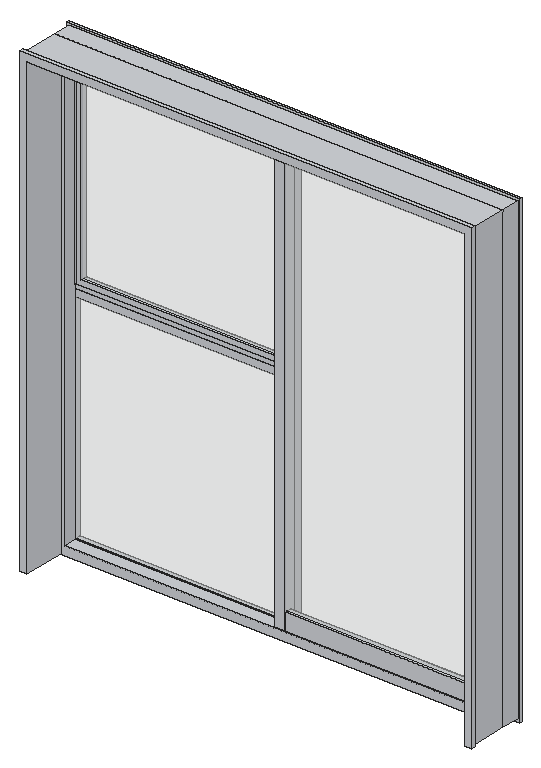
Revit family "APL Residential Thermal Heart Sliding Door SF with Sidelight", category Doors, host Wall, Revit 2017 (continued)
Definition of nested family "APL Residential Thermal Heart Sliding Door SF with Sidelight Vertical Section"
  Definition of nested family "Glazing"
    Lines and regions (mm)
      detail lines, in view "Ref. Level", not visible
        curve 78: arc (24.161, -11.614, 0) -> (24.042, -11.78, 0) -> (24, -11.981, 0) r 0.5
        curve 79: arc (24, -13.404, 0) -> (24.088, -13.594, 0) -> (24.289, -13.651, 0) r 0.25
        curve 80: arc (28.489, -12.997, 0) -> (28.647, -12.904, 0) -> (28.699, -12.728, 0) r 0.25
        curve 81: arc (27.5, -8.1, 0) -> (27.711, -7.984, 0) -> (27.727, -7.744, 0) r 0.25
        curve 82: arc (26.033, -4.114, 0) -> (25.642, -3.858, 0) -> (25.24, -4.095, 0) r 0.442
        curve 83: arc (24.864, -4.812, 0) -> (24.414, -5.357, 0) -> (24.052, -5.964, 0) r 4.62
        curve 84: arc (24.052, -5.964, 0) -> (24.013, -6.073, 0) -> (24, -6.187, 0) r 0.5
        curve 85: arc (24, -6.743, 0) -> (24.132, -6.931, 0) -> (24.353, -6.871, 0) r 0.2
        curve 86: arc (24.353, -6.871, 0) -> (24.514, -6.711, 0) -> (24.702, -6.581, 0) r 1.262
        curve 87: arc (24.702, -6.581, 0) -> (24.901, -6.583, 0) -> (25, -6.756, 0) r 0.2
        curve 88: arc (25, -7.353, 0) -> (24.962, -7.543, 0) -> (24.855, -7.705, 0) r 0.5
        curve 89: arc (24.855, -7.705, 0) -> (24.408, -8.237, 0) -> (24.051, -8.833, 0) r 4.3
        curve 90: arc (24.051, -8.833, 0) -> (24.013, -8.941, 0) -> (24, -9.054, 0) r 0.5
        curve 91: arc (24, -9.668, 0) -> (24.137, -9.858, 0) -> (24.361, -9.787, 0) r 0.2
        curve 92: arc (24.361, -9.787, 0) -> (24.512, -9.617, 0) -> (24.69, -9.476, 0) r 1.288
        curve 93: arc (24.69, -9.476, 0) -> (24.895, -9.467, 0) -> (25, -9.643, 0) r 0.2
        curve 94: line (24.92, -10.912, 0) -> (24.161, -11.614, 0)
        curve 95: line (24, -11.981, 0) -> (24, -13.404, 0)
        curve 96: line (24.289, -13.651, 0) -> (28.489, -12.997, 0)
        curve 97: line (28.699, -12.728, 0) -> (28.548, -11, 0)
        curve 98: line (28.548, -11, 0) -> (27, -11, 0)
        curve 99: line (27, -11, 0) -> (27, -8.1, 0)
        curve 100: line (27, -8.1, 0) -> (27.5, -8.1, 0)
        curve 101: line (27.727, -7.744, 0) -> (26.033, -4.114, 0)
        curve 102: line (25.24, -4.095, 0) -> (24.864, -4.812, 0)
        curve 103: line (24, -6.187, 0) -> (24, -6.743, 0)
        curve 104: line (25, -6.756, 0) -> (25, -7.353, 0)
        curve 105: line (24, -9.054, 0) -> (24, -9.668, 0)
        curve 106: line (25, -9.643, 0) -> (25, -10.728, 0)
    Dimensions and locks
      "Glass Lenght": plane 1 "Center (Front/Back)" to plane 4
      aligned and locked: plane 4 to curve 2
      aligned and locked: plane 1 "Center (Front/Back)" to Filled region 1 sketch curve
      aligned and locked: Filled region 1 sketch curve to curve 6
      aligned and locked: Filled region 1 sketch curve to curve 1
      aligned and locked: Filled region 1 sketch curve to curve 5
    Automatic sketch dimensions
      plane 1 "Center (Front/Back)" to curve 2 = 0 mm
      curve 2 to plane 3 "Center (Left/Right)" = 0 mm
      curve 6 to plane 4 = 0 mm
      curve 5 to plane 4 = 0 mm
      curve 4 to plane 4 = 0 mm
      curve 5 to curve 3 = 4 mm
      curve 1 to curve 1 = 16 mm
      plane 1 "Center (Front/Back)" to curve 1 = 12 mm
      plane 3 "Center (Left/Right)" to curve 6 = 4 mm
  Definition of nested family "Sill Fixed Sidelight"
    Reference planes
      plane 1 "Center (Front/Back)": y = 0
      plane 2: z = 0
      plane 3 "Center (Left/Right)": x = 0
    Lines and regions (mm)
      detail lines, in view "Ref. Level", not visible
        curve 1: arc (16.603, 57.797, 0) -> (17.381, 58.12, 0) -> (17.703, 58.897, 0) r 1.1
        curve 2: arc (0.803, 58.896, 0) -> (1.126, 58.119, 0) -> (1.903, 57.797, 0) r 1.1
        curve 3: arc (17.703, 75.697, 0) -> (17.381, 76.475, 0) -> (16.603, 76.797, 0) r 1.1
        curve 4: arc (1.903, 76.797, 0) -> (1.125, 76.475, 0) -> (0.803, 75.696, 0) r 1.1
        curve 5: arc (16.603, 57.796, 0) -> (17.382, 58.119, 0) -> (17.703, 58.897, 0) r 1.1
        curve 6: arc (17.703, 75.699, 0) -> (17.381, 76.477, 0) -> (16.603, 76.799, 0) r 1.1
        curve 7: arc (7.678, 81.793, 0) -> (6.666, 81.816, 0) -> (6.153, 80.942, 0) r 1
        curve 8: arc (6.153, 43.252, 0) -> (6.666, 42.379, 0) -> (7.678, 42.401, 0) r 1
        curve 9: arc (12.353, 80.942, 0) -> (11.841, 81.816, 0) -> (10.828, 81.793, 0) r 1
        curve 10: arc (10.828, 42.401, 0) -> (11.841, 42.379, 0) -> (12.353, 43.252, 0) r 1
        curve 11: arc (7.678, 81.793, 0) -> (9.253, 81.347, 0) -> (10.828, 81.793, 0) r 3
        curve 12: arc (10.828, 42.401, 0) -> (9.253, 42.848, 0) -> (7.678, 42.401, 0) r 3
        curve 13: arc (5.253, 49.997, 0) -> (5.546, 49.29, 0) -> (6.253, 48.997, 0) r 1
        curve 14: arc (12.253, 48.997, 0) -> (12.96, 49.29, 0) -> (13.253, 49.997, 0) r 1
        curve 15: arc (14.453, 83.687, 0) -> (13.952, 83.592, 0) -> (13.453, 83.487, 0) r 26
        curve 16: arc (5.053, 83.487, 0) -> (4.554, 83.592, 0) -> (4.053, 83.687, 0) r 26
        curve 17: arc (5.053, 84.028, 0) -> (4.554, 84.06, 0) -> (4.053, 84.082, 0) r 26
        curve 18: arc (14.453, 84.082, 0) -> (13.953, 84.06, 0) -> (13.453, 84.028, 0) r 26
        curve 19: line (7.616, 57.461, 0) -> (8.694, 56.546, 0)
        curve 20: arc (8.309, 61.253, 0) -> (6.888, 60.305, 0) -> (6.184, 58.748, 0) r 3.102
        curve 21: line (7.502, 58.856, 0) -> (8.417, 59.935, 0)
        curve 22: line (10.89, 59.134, 0) -> (9.812, 60.049, 0)
        curve 23: arc (10.198, 55.342, 0) -> (11.619, 56.29, 0) -> (12.323, 57.847, 0) r 3.102
        curve 24: line (11.005, 57.739, 0) -> (10.09, 56.66, 0)
        curve 25: circle (9.253, 58.297, 0) r 4.4 normal (0, 0, 1)
        curve 26: arc (9.596, 62.681, 0) -> (8.894, 62.68, 0) -> (8.201, 62.567, 0) r 4.397
        curve 27: arc (8.91, 53.914, 0) -> (9.612, 53.915, 0) -> (10.305, 54.028, 0) r 4.397
        curve 28: line (8.309, 61.253, 0) -> (8.201, 62.567, 0)
        curve 29: line (9.596, 62.681, 0) -> (9.704, 61.367, 0)
        curve 30: line (10.198, 55.342, 0) -> (10.305, 54.028, 0)
        curve 31: line (8.91, 53.914, 0) -> (8.802, 55.228, 0)
        curve 32: arc (2.903, 85.297, 0) -> (2.196, 85.004, 0) -> (1.903, 84.297, 0) r 1
        curve 33: arc (16.603, 84.297, 0) -> (16.31, 85.004, 0) -> (15.603, 85.297, 0) r 1
        curve 34: arc (15.603, 83.997, 0) -> (15.515, 84.209, 0) -> (15.303, 84.297, 0) r 0.3
        curve 35: arc (3.203, 84.297, 0) -> (2.991, 84.209, 0) -> (2.903, 83.997, 0) r 0.3
        curve 36: line (17.703, 58.897, 0) -> (17.703, 60.797, 0)
        curve 37: line (0.803, 60.797, 0) -> (0.803, 58.896, 0)
        curve 38: line (17.703, 73.797, 0) -> (17.703, 75.697, 0)
        curve 39: line (0.803, 75.696, 0) -> (0.803, 73.797, 0)
        curve 40: line (17.703, 58.897, 0) -> (17.703, 60.797, 0)
        curve 41: line (0.803, 75.696, 0) -> (0.803, 73.797, 0)
        curve 42: line (6.153, 43.252, 0) -> (6.153, 50.097, 0)
        curve 43: line (6.153, 80.597, 0) -> (6.153, 80.942, 0)
        curve 44: line (12.353, 80.597, 0) -> (12.353, 80.942, 0)
        curve 45: line (12.353, 43.252, 0) -> (12.353, 50.097, 0)
        curve 46: line (0.803, 65.087, 0) -> (0.503, 65.087, 0)
        curve 47: line (0.503, 65.087, 0) -> (0.503, 59.107, 0)
        curve 48: line (0.503, 59.107, 0) -> (0.803, 59.107, 0)
        curve 49: line (3.003, 50.297, 0) -> (3.003, 50.097, 0)
        curve 50: line (3.003, 50.097, 0) -> (3.503, 50.097, 0)
        curve 51: line (3.503, 50.097, 0) -> (15.003, 50.097, 0)
        curve 52: line (15.003, 50.097, 0) -> (15.503, 50.097, 0)
        curve 53: line (15.503, 50.097, 0) -> (15.503, 50.297, 0)
        curve 54: line (15.503, 74.797, 0) -> (15.503, 80.597, 0)
        curve 55: line (15.503, 80.597, 0) -> (15.003, 80.597, 0)
        curve 56: line (15.003, 80.597, 0) -> (15.003, 74.797, 0)
        curve 57: line (3.003, 74.797, 0) -> (3.003, 80.597, 0)
        curve 58: line (15.003, 80.597, 0) -> (3.503, 80.597, 0)
        curve 59: line (3.503, 80.597, 0) -> (3.003, 80.597, 0)
        curve 60: line (3.003, 80.597, 0) -> (3.003, 84.097, 0)
        curve 61: line (3.003, 84.097, 0) -> (4.003, 84.097, 0)
        curve 62: line (4.003, 84.097, 0) -> (4.003, 80.597, 0)
        curve 63: line (14.503, 80.597, 0) -> (14.503, 84.097, 0)
        curve 64: line (14.503, 84.097, 0) -> (15.503, 84.097, 0)
        curve 65: line (15.503, 84.097, 0) -> (15.503, 80.597, 0)
        curve 66: line (14.453, 83.687, 0) -> (14.453, 80.597, 0)
        curve 67: line (4.053, 83.687, 0) -> (4.053, 80.597, 0)
        curve 68: line (5.053, 80.597, 0) -> (5.053, 83.487, 0)
        curve 69: line (5.053, 83.487, 0) -> (5.053, 84.028, 0)
        curve 70: line (13.453, 80.597, 0) -> (13.453, 83.487, 0)
        curve 71: line (13.453, 83.487, 0) -> (13.453, 84.028, 0)
        curve 72: line (4.053, 83.687, 0) -> (4.053, 83.935, 0)
        curve 73: line (14.453, 83.687, 0) -> (14.453, 83.935, 0)
        curve 74: line (8.802, 55.228, 0) -> (8.694, 56.546, 0)
        curve 75: line (8.417, 59.935, 0) -> (8.309, 61.253, 0)
        curve 76: line (9.704, 61.367, 0) -> (9.812, 60.049, 0)
        curve 77: line (10.09, 56.66, 0) -> (10.198, 55.342, 0)
        curve 78: line (1.903, 79.297, 0) -> (1.903, 84.297, 0)
        curve 79: line (2.903, 85.297, 0) -> (15.603, 85.297, 0)
        curve 80: line (16.603, 84.297, 0) -> (16.603, 79.297, 0)
        curve 81: line (16.603, 79.297, 0) -> (15.603, 79.297, 0)
        curve 82: line (15.603, 79.297, 0) -> (15.603, 83.997, 0)
        curve 83: line (15.303, 84.297, 0) -> (3.203, 84.297, 0)
        curve 84: line (2.903, 83.997, 0) -> (2.903, 79.297, 0)
        curve 85: line (2.903, 79.297, 0) -> (1.903, 79.297, 0)
        curve 86: line (1.903, 79.297, 0) -> (1.903, 77.297, 0)
        curve 87: line (1.903, 77.297, 0) -> (1.903, 74.797, 0)
        curve 88: line (15.603, 79.297, 0) -> (15.603, 77.297, 0)
        curve 89: line (15.603, 77.297, 0) -> (16.603, 77.297, 0)
        curve 90: line (16.603, 77.297, 0) -> (16.603, 79.297, 0)
        curve 91: line (2.903, 79.297, 0) -> (2.903, 77.297, 0)
        curve 92: line (2.903, 77.297, 0) -> (1.903, 77.297, 0)
        curve 93: line (2.003, 50.297, 0) -> (16.603, 50.297, 0)
        curve 94: line (16.603, 50.297, 0) -> (16.603, 74.797, 0)
        curve 95: line (16.603, 74.797, 0) -> (2.003, 74.797, 0)
        curve 96: line (2.003, 74.797, 0) -> (2.003, 50.297, 0)
        curve 97: line (1.903, 50.297, 0) -> (1.903, 74.797, 0)
        curve 98: line (2.903, 77.297, 0) -> (2.903, 74.797, 0)
        curve 99: line (16.603, 77.297, 0) -> (16.603, 74.797, 0)
        curve 100: line (15.603, 77.297, 0) -> (15.603, 74.797, 0)
        curve 101: line (16.603, 73.797, 0) -> (17.703, 73.797, 0)
        curve 102: line (17.703, 73.797, 0) -> (17.703, 60.797, 0)
        curve 103: line (17.703, 60.797, 0) -> (16.603, 60.797, 0)
        curve 104: line (1.903, 60.797, 0) -> (0.803, 60.797, 0)
        curve 105: line (0.803, 60.797, 0) -> (0.803, 73.797, 0)
        curve 106: line (0.803, 73.797, 0) -> (1.903, 73.797, 0)
        curve 107: line (15.003, 50.297, 0) -> (15.003, 50.097, 0)
        curve 108: line (3.503, 50.097, 0) -> (3.503, 50.297, 0)
        curve 109: line (3.503, 74.797, 0) -> (3.503, 80.597, 0)
        curve 110: line (7.678, 42.401, 0) -> (7.678, 50.097, 0)
        curve 111: line (7.678, 80.597, 0) -> (7.678, 81.793, 0)
        curve 112: line (10.828, 81.793, 0) -> (10.828, 80.597, 0)
        curve 113: line (10.828, 50.097, 0) -> (10.828, 42.401, 0)
        curve 114: line (12.208, 59.242, 0) -> (13.526, 59.35, 0)
        curve 115: line (13.64, 57.954, 0) -> (12.323, 57.847, 0)
        curve 116: line (6.298, 57.353, 0) -> (4.981, 57.245, 0)
        curve 117: line (4.867, 58.64, 0) -> (6.184, 58.748, 0)
        curve 118: line (6.184, 58.748, 0) -> (7.502, 58.856, 0)
        curve 119: line (10.89, 59.134, 0) -> (12.208, 59.242, 0)
        curve 120: line (12.323, 57.847, 0) -> (11.005, 57.739, 0)
        curve 121: line (7.616, 57.461, 0) -> (6.298, 57.353, 0)
        curve 122: arc (6.298, 57.353, 0) -> (7.246, 55.932, 0) -> (8.802, 55.228, 0) r 3.102
        curve 123: arc (12.208, 59.242, 0) -> (11.261, 60.663, 0) -> (9.704, 61.367, 0) r 3.102
        curve 140: arc (33.161, -9.933, 0) -> (32.851, -9.793, 0) -> (32.689, -10.092, 0) r 0.25
        curve 141: arc (32.715, -19.98, 0) -> (32.877, -20.279, 0) -> (33.188, -20.139, 0) r 0.25
        curve 142: line (32.689, -10.092, 0) -> (33.683, -13.959, 0)
        curve 143: line (33.683, -13.959, 0) -> (32.679, -14.539, 0)
        curve 144: line (32.679, -14.539, 0) -> (32.679, -15.539, 0)
        curve 145: line (32.679, -15.539, 0) -> (33.705, -16.131, 0)
        curve 146: line (33.705, -16.131, 0) -> (32.715, -19.98, 0)
        curve 147: line (33.188, -20.139, 0) -> (34.912, -16.039, 0)
        curve 148: line (34.912, -16.039, 0) -> (36.179, -16.039, 0)
        curve 149: line (36.179, -16.039, 0) -> (36.179, -17.289, 0)
        curve 150: line (36.179, -17.289, 0) -> (37.179, -17.289, 0)
        curve 151: line (37.179, -17.289, 0) -> (37.179, -12.789, 0)
        curve 152: line (37.179, -12.789, 0) -> (36.179, -12.789, 0)
        curve 153: line (36.179, -12.789, 0) -> (36.179, -14.039, 0)
        curve 154: line (36.179, -14.039, 0) -> (34.887, -14.039, 0)
        curve 155: line (34.887, -14.039, 0) -> (33.161, -9.933, 0)
      detail lines, in view "Ref. Level"
        curve 124: arc (-46.248, 44.356, 0) -> (-46.558, 44.496, 0) -> (-46.72, 44.197, 0) r 0.25
        curve 125: arc (-46.694, 34.309, 0) -> (-46.531, 34.01, 0) -> (-46.221, 34.15, 0) r 0.25
        curve 126: line (-46.72, 44.197, 0) -> (-45.726, 40.329, 0)
        curve 127: line (-45.726, 40.329, 0) -> (-46.729, 39.75, 0)
        curve 128: line (-46.729, 39.75, 0) -> (-46.729, 38.75, 0)
        curve 129: line (-46.729, 38.75, 0) -> (-45.704, 38.158, 0)
        curve 130: line (-45.704, 38.158, 0) -> (-46.694, 34.309, 0)
        curve 131: line (-46.221, 34.15, 0) -> (-44.497, 38.25, 0)
        curve 132: line (-44.497, 38.25, 0) -> (-43.229, 38.25, 0)
        curve 133: line (-43.229, 38.25, 0) -> (-43.229, 37, 0)
        curve 134: line (-43.229, 37, 0) -> (-42.229, 37, 0)
        curve 135: line (-42.229, 37, 0) -> (-42.229, 41.5, 0)
        curve 136: line (-42.229, 41.5, 0) -> (-43.229, 41.5, 0)
        curve 137: line (-43.229, 41.5, 0) -> (-43.229, 40.25, 0)
        curve 138: line (-43.229, 40.25, 0) -> (-44.521, 40.25, 0)
        curve 139: line (-44.521, 40.25, 0) -> (-46.248, 44.356, 0)
    Nested families
      nested 1: "65596_Track" at (9.171, 14.2, 0), type "65596_Track", in view "Ref. Level"
      nested 2: "65380_Frame Sill" at (-87.029, 0, 0), type "65380_Frame Sill", in view "Ref. Level"
    Definition of nested family "65596_Track"
      Reference planes
        plane 1 "Center (Front/Back)": y = 0
        plane 2: z = 0
        plane 3 "Center (Left/Right)": x = 0
      Lines and regions (mm)
        detail lines, in view "Ref. Level"
          curve 1: arc (-1.2, 1.8, 0) -> (-1.059, 1.859, 0) -> (-1, 2, 0) r 0.2
          curve 2: arc (-1, 22.438, 0) -> (-1.623, 23.888, 0) -> (-3.105, 24.435, 0) r 2
          curve 3: arc (-17.186, 23.697, 0) -> (-17.523, 23.542, 0) -> (-17.66, 23.198, 0) r 0.5
          curve 4: arc (-17.66, 18.846, 0) -> (-18.14, 16.435, 0) -> (-19.505, 14.392, 0) r 6.3
          curve 5: arc (-21.85, 12.046, 0) -> (-22.77, 12.046, 0) -> (-22.77, 12.966, 0) r 0.65
          curve 6: arc (-20.424, 15.311, 0) -> (-19.341, 16.933, 0) -> (-18.96, 18.846, 0) r 5
          curve 7: arc (-18.96, 24.932, 0) -> (-18.823, 25.276, 0) -> (-18.486, 25.431, 0) r 0.5
          curve 8: arc (-2.589, 26.264, 0) -> (-2.456, 26.325, 0) -> (-2.399, 26.459, 0) r 0.2
          curve 9: arc (-2.399, 26.459, 0) -> (0, 28.8, 0) -> (2.399, 26.459, 0) r 2.4
          curve 10: arc (2.399, 26.459, 0) -> (2.456, 26.325, 0) -> (2.589, 26.264, 0) r 0.2
          curve 11: arc (6.566, 26.056, 0) -> (6.903, 25.901, 0) -> (7.04, 25.557, 0) r 0.5
          curve 12: arc (7.04, 18.846, 0) -> (7.421, 16.933, 0) -> (8.504, 15.311, 0) r 5
          curve 13: arc (10.85, 12.966, 0) -> (10.85, 12.046, 0) -> (9.93, 12.046, 0) r 0.65
          curve 14: arc (7.585, 14.392, 0) -> (6.22, 16.435, 0) -> (5.74, 18.846, 0) r 6.3
          curve 15: arc (5.74, 23.822, 0) -> (5.603, 24.166, 0) -> (5.266, 24.322, 0) r 0.5
          curve 16: arc (3.105, 24.435, 0) -> (1.623, 23.888, 0) -> (1, 22.438, 0) r 2
          curve 17: arc (1, 2, 0) -> (1.059, 1.859, 0) -> (1.2, 1.8, 0) r 0.2
          curve 18: arc (10.59, 0, 0) -> (10.449, 0.059, 0) -> (10.39, 0.2, 0) r 0.2
          curve 19: arc (10.39, 1.6, 0) -> (10.331, 1.741, 0) -> (10.19, 1.8, 0) r 0.2
          curve 20: arc (-8.81, 1.8, 0) -> (-8.951, 1.741, 0) -> (-9.01, 1.6, 0) r 0.2
          curve 21: arc (-9.01, -1.3, 0) -> (-8.951, -1.441, 0) -> (-8.81, -1.5, 0) r 0.2
          curve 22: arc (-7.41, -1.5, 0) -> (-7.269, -1.441, 0) -> (-7.21, -1.3, 0) r 0.2
          curve 23: arc (-7.21, -0.2, 0) -> (-7.151, -0.059, 0) -> (-7.01, 0, 0) r 0.2
          curve 24: arc (8.715, 0, 0) -> (9.001, -0.089, 0) -> (9.185, -0.325, 0) r 0.5
          curve 25: arc (9.185, -0.325, 0) -> (9.735, -1.032, 0) -> (10.59, -1.3, 0) r 1.5
          curve 26: arc (11.89, -1.3, 0) -> (12.597, -1.007, 0) -> (12.89, -0.3, 0) r 1
          curve 27: arc (12.89, -0.2, 0) -> (12.831, -0.059, 0) -> (12.69, 0, 0) r 0.2
          curve 28: line (1, 6.8, 0) -> (-1, 6.8, 0)
          curve 29: line (-1, 2, 0) -> (-1, 22.438, 0)
          curve 30: line (-3.105, 24.435, 0) -> (-17.186, 23.697, 0)
          curve 31: line (-17.66, 23.198, 0) -> (-17.66, 18.846, 0)
          curve 32: line (-19.505, 14.392, 0) -> (-21.85, 12.046, 0)
          curve 33: line (-22.77, 12.966, 0) -> (-20.424, 15.311, 0)
          curve 34: line (-18.96, 18.846, 0) -> (-18.96, 24.932, 0)
          curve 35: line (-18.486, 25.431, 0) -> (-2.589, 26.264, 0)
          curve 36: line (2.589, 26.264, 0) -> (6.566, 26.056, 0)
          curve 37: line (7.04, 25.557, 0) -> (7.04, 18.846, 0)
          curve 38: line (8.504, 15.311, 0) -> (10.85, 12.966, 0)
          curve 39: line (9.93, 12.046, 0) -> (7.585, 14.392, 0)
          curve 40: line (5.74, 18.846, 0) -> (5.74, 23.822, 0)
          curve 41: line (5.266, 24.322, 0) -> (3.105, 24.435, 0)
          curve 42: line (1, 22.438, 0) -> (1, 2, 0)
          curve 43: line (10.39, 0.2, 0) -> (10.39, 1.6, 0)
          curve 44: line (10.19, 1.8, 0) -> (-8.81, 1.8, 0)
          curve 45: line (-9.01, 1.6, 0) -> (-9.01, -1.3, 0)
          curve 46: line (-8.81, -1.5, 0) -> (-7.41, -1.5, 0)
          curve 47: line (-7.21, -1.3, 0) -> (-7.21, -0.2, 0)
          curve 48: line (-7.01, 0, 0) -> (8.715, 0, 0)
          curve 49: line (10.59, -1.3, 0) -> (11.89, -1.3, 0)
          curve 50: line (12.69, 0, 0) -> (10.59, 0, 0)
      Text (mm)
        text "65596" at (20.379, 15.04, 0), in view "Ref. Level"
    Definition of nested family "65380_Frame Sill"
      Reference planes
        plane 1 "Center (Front/Back)": y = 0
        plane 2: z = 0
        plane 3 "Center (Left/Right)": x = 0
      Lines and regions (mm)
        detail lines, in view "Ref. Level"
          curve 1: line (64.2, 16.468, 0) -> (65.701, 16.468, 0)
          curve 2: line (64.2, 22.468, 0) -> (65.7, 22.468, 0)
          curve 3: line (27.5, 8.7, 0) -> (29.442, 8.7, 0)
          curve 4: line (27.5, 14.7, 0) -> (29.4, 14.7, 0)
          curve 5: line (13.3, 8.6, 0) -> (15.2, 8.6, 0)
          curve 6: line (13.3, 14.6, 0) -> (15.2, 14.6, 0)
          curve 7: arc (10.8, 6.498, 0) -> (11.356, 7.843, 0) -> (12.7, 8.4, 0) r 1.9
          curve 8: arc (13.1, 8.4, 0) -> (13.241, 8.459, 0) -> (13.3, 8.6, 0) r 0.2
          curve 9: arc (13.3, 15.4, 0) -> (13.241, 15.542, 0) -> (13.1, 15.6, 0) r 0.2
          curve 10: arc (11, 15.6, 0) -> (10.859, 15.659, 0) -> (10.8, 15.8, 0) r 0.2
          curve 11: arc (10.8, 16.283, 0) -> (10.741, 16.425, 0) -> (10.6, 16.483, 0) r 0.2
          curve 12: arc (1.9, 16.483, 0) -> (1.546, 16.337, 0) -> (1.4, 15.983, 0) r 0.5
          curve 13: arc (1.4, 2.245, 0) -> (1.521, 1.632, 0) -> (1.869, 1.111, 0) r 1.6
          curve 14: arc (6.387, -3.407, 0) -> (6.711, -3.624, 0) -> (7.094, -3.7, 0) r 1
          curve 15: arc (9.8, -3.7, 0) -> (10.507, -3.407, 0) -> (10.8, -2.7, 0) r 1
          curve 16: arc (1.665, 23.622, 0) -> (1.729, 23.522, 0) -> (1.725, 23.403, 0) r 0.2
          curve 17: arc (1.725, 23.403, 0) -> (1.621, 23.234, 0) -> (1.453, 23.127, 0) r 0.45
          curve 18: arc (1.453, 23.127, 0) -> (1.357, 23.053, 0) -> (1.322, 22.936, 0) r 0.2
          curve 19: arc (1.379, 18.081, 0) -> (1.438, 17.941, 0) -> (1.579, 17.883, 0) r 0.2
          curve 20: arc (10.6, 17.883, 0) -> (10.741, 17.942, 0) -> (10.8, 18.083, 0) r 0.2
          curve 21: arc (10.8, 22.172, 0) -> (10.773, 22.272, 0) -> (10.7, 22.346, 0) r 0.2
          curve 22: arc (9.6, 22.981, 0) -> (9.38, 23.2, 0) -> (9.3, 23.5, 0) r 0.6
          curve 23: arc (9.3, 23.8, 0) -> (9.359, 23.942, 0) -> (9.5, 24, 0) r 0.2
          curve 24: arc (13.617, 24, 0) -> (13.922, 23.801, 0) -> (14.195, 24.043, 0) r 0.3
          curve 25: arc (14.195, 24.043, 0) -> (14.261, 24.181, 0) -> (14.387, 24.269, 0) r 0.3
          curve 26: arc (15.797, 24.782, 0) -> (16.083, 24.738, 0) -> (16.199, 24.474, 0) r 0.3
          curve 27: arc (15.992, 22.109, 0) -> (15.965, 22.008, 0) -> (15.905, 21.923, 0) r 0.3
          curve 28: arc (15.541, 21.559, 0) -> (15.348, 21.507, 0) -> (15.207, 21.648, 0) r 0.2
          curve 29: arc (15.162, 21.816, 0) -> (15.11, 21.905, 0) -> (15.021, 21.957, 0) r 0.2
          curve 30: arc (12.8, 22.5, 0) -> (12.52, 22.307, 0) -> (12.6, 21.977, 0) r 0.3
          curve 31: arc (12.6, 21.977, 0) -> (12.674, 21.875, 0) -> (12.7, 21.753, 0) r 0.3
          curve 32: arc (12.506, 17.75, 0) -> (12.542, 17.578, 0) -> (12.7, 17.5, 0) r 0.2
          curve 33: arc (13.221, 17.5, 0) -> (13.302, 17.511, 0) -> (13.377, 17.544, 0) r 0.3
          curve 34: arc (14.631, 18.309, 0) -> (14.628, 18.479, 0) -> (14.734, 18.611, 0) r 0.25
          curve 35: arc (14.82, 18.664, 0) -> (15.072, 18.668, 0) -> (15.2, 18.45, 0) r 0.25
          curve 36: arc (15.2, 8.6, 0) -> (15.259, 8.459, 0) -> (15.4, 8.4, 0) r 0.2
          curve 37: arc (16.479, 8.4, 0) -> (16.643, 8.315, 0) -> (16.667, 8.132, 0) r 0.2
          curve 38: arc (15.775, 5.682, 0) -> (15.702, 5.586, 0) -> (15.587, 5.55, 0) r 0.2
          curve 39: arc (15.353, 5.55, 0) -> (15.248, 5.52, 0) -> (15.174, 5.439, 0) r 0.2
          curve 40: arc (15.174, 5.439, 0) -> (15.019, 5.31, 0) -> (14.82, 5.337, 0) r 0.25
          curve 41: arc (14.734, 5.389, 0) -> (14.628, 5.521, 0) -> (14.631, 5.691, 0) r 0.25
          curve 42: arc (13.377, 6.456, 0) -> (13.302, 6.489, 0) -> (13.221, 6.5, 0) r 0.3
          curve 43: arc (12.7, 6.5, 0) -> (12.542, 6.423, 0) -> (12.506, 6.25, 0) r 0.2
          curve 44: arc (12.7, 2.247, 0) -> (12.674, 2.125, 0) -> (12.6, 2.024, 0) r 0.3
          curve 45: arc (12.6, 2.024, 0) -> (12.52, 1.693, 0) -> (12.8, 1.5, 0) r 0.3
          curve 46: arc (15.021, 2.043, 0) -> (15.11, 2.095, 0) -> (15.162, 2.185, 0) r 0.2
          curve 47: arc (15.207, 2.352, 0) -> (15.348, 2.493, 0) -> (15.541, 2.442, 0) r 0.2
          curve 48: arc (15.905, 2.078, 0) -> (15.965, 1.993, 0) -> (15.992, 1.892, 0) r 0.3
          curve 49: arc (16.199, -0.474, 0) -> (16.083, -0.738, 0) -> (15.797, -0.782, 0) r 0.3
          curve 50: arc (14.387, -0.268, 0) -> (14.261, -0.181, 0) -> (14.195, -0.043, 0) r 0.3
          curve 51: arc (14.195, -0.043, 0) -> (13.922, 0.199, 0) -> (13.617, 0, 0) r 0.3
          curve 52: arc (12.6, 0, 0) -> (12.459, -0.058, 0) -> (12.4, -0.2, 0) r 0.2
          curve 53: arc (12.4, -2.696, 0) -> (11.64, -4.537, 0) -> (9.8, -5.3, 0) r 2.6
          curve 54: arc (7.9, -5.3, 0) -> (7.547, -5.446, 0) -> (7.4, -5.8, 0) r 0.5
          curve 55: arc (7.4, -13.402, 0) -> (7.508, -13.581, 0) -> (7.716, -13.566, 0) r 0.2
          curve 56: arc (7.716, -13.566, 0) -> (8.721, -13.692, 0) -> (8.684, -14.705, 0) r 0.75
          curve 57: arc (8.684, -14.705, 0) -> (8.15, -16.005, 0) -> (8.684, -17.305, 0) r 1.85
          curve 58: arc (8.684, -17.305, 0) -> (8.794, -17.447, 0) -> (8.867, -17.611, 0) r 0.75
          curve 59: arc (8.867, -17.611, 0) -> (8.97, -17.795, 0) -> (9.14, -17.921, 0) r 0.5
          curve 60: arc (9.14, -17.921, 0) -> (10, -18.105, 0) -> (10.86, -17.921, 0) r 2.1
          curve 61: arc (10.86, -17.921, 0) -> (11.03, -17.795, 0) -> (11.133, -17.611, 0) r 0.5
          curve 62: arc (11.133, -17.611, 0) -> (11.206, -17.447, 0) -> (11.316, -17.305, 0) r 0.75
          curve 63: arc (11.316, -17.305, 0) -> (11.85, -16.005, 0) -> (11.316, -14.705, 0) r 1.85
          curve 64: arc (11.316, -14.705, 0) -> (11.323, -13.644, 0) -> (12.384, -13.651, 0) r 0.75
          curve 65: arc (12.384, -13.651, 0) -> (13.348, -15.881, 0) -> (12.551, -18.176, 0) r 3.35
          curve 66: arc (12.551, -18.176, 0) -> (12.478, -18.71, 0) -> (12.932, -19, 0) r 0.5
          curve 67: arc (13.15, -19, 0) -> (13.291, -19.058, 0) -> (13.35, -19.2, 0) r 0.2
          curve 68: arc (13.35, -19.5, 0) -> (13.204, -19.853, 0) -> (12.85, -20, 0) r 0.5
          curve 69: arc (7, -20, 0) -> (6.293, -19.707, 0) -> (6, -19, 0) r 1
          curve 70: arc (6, -6.242, 0) -> (5.772, -5.094, 0) -> (5.121, -4.121, 0) r 3
          curve 71: arc (0.879, 0.122, 0) -> (0.228, 1.095, 0) -> (0, 2.243, 0) r 3
          curve 72: arc (0, 23.8, 0) -> (0.059, 23.942, 0) -> (0.2, 24, 0) r 0.2
          curve 73: line (10.8, -2.7, 0) -> (10.8, 6.498, 0)
          curve 74: line (12.7, 8.4, 0) -> (13.1, 8.4, 0)
          curve 75: line (13.1, 15.6, 0) -> (11, 15.6, 0)
          curve 76: line (10.8, 15.8, 0) -> (10.8, 16.283, 0)
          curve 77: line (10.6, 16.483, 0) -> (1.9, 16.483, 0)
          curve 78: line (1.4, 15.983, 0) -> (1.4, 2.245, 0)
          curve 79: line (1.869, 1.111, 0) -> (6.387, -3.407, 0)
          curve 80: line (7.094, -3.7, 0) -> (9.8, -3.7, 0)
          curve 81: line (1.322, 22.936, 0) -> (1.379, 18.081, 0)
          curve 82: line (1.579, 17.883, 0) -> (10.6, 17.883, 0)
          curve 83: line (10.8, 18.083, 0) -> (10.8, 22.172, 0)
          curve 84: line (10.7, 22.346, 0) -> (9.6, 22.981, 0)
          curve 85: line (9.3, 23.5, 0) -> (9.3, 23.8, 0)
          curve 86: line (9.5, 24, 0) -> (13.617, 24, 0)
          curve 87: line (14.387, 24.269, 0) -> (15.797, 24.782, 0)
          curve 88: line (16.199, 24.474, 0) -> (15.992, 22.109, 0)
          curve 89: line (15.905, 21.923, 0) -> (15.541, 21.559, 0)
          curve 90: line (15.207, 21.648, 0) -> (15.162, 21.816, 0)
          curve 91: line (15.021, 21.957, 0) -> (13.032, 22.49, 0)
          curve 92: line (12.7, 21.753, 0) -> (12.7, 18.526, 0)
          curve 93: line (12.7, 18.5, 0) -> (12.506, 17.75, 0)
          curve 94: line (12.7, 17.5, 0) -> (13.221, 17.5, 0)
          curve 95: line (13.377, 17.544, 0) -> (14.631, 18.309, 0)
          curve 96: line (15.2, 18.45, 0) -> (15.2, 16.875, 0)
          curve 97: line (15.2, 16.875, 0) -> (15.2, 8.6, 0)
          curve 98: line (15.2, 8.6, 0) -> (13.3, 8.6, 0)
          curve 99: line (13.3, 8.6, 0) -> (13.3, 15.4, 0)
          curve 100: line (15.4, 8.4, 0) -> (16.479, 8.4, 0)
          curve 101: line (16.667, 8.132, 0) -> (15.775, 5.682, 0)
          curve 102: line (15.587, 5.55, 0) -> (15.353, 5.55, 0)
          curve 103: line (14.631, 5.691, 0) -> (13.377, 6.456, 0)
          curve 104: line (13.221, 6.5, 0) -> (12.7, 6.5, 0)
          curve 105: line (12.506, 6.25, 0) -> (12.7, 5.5, 0)
          curve 106: line (12.7, 5.475, 0) -> (12.7, 2.247, 0)
          curve 107: line (13.032, 1.51, 0) -> (15.021, 2.043, 0)
          curve 108: line (15.162, 2.185, 0) -> (15.207, 2.352, 0)
          curve 109: line (15.541, 2.442, 0) -> (15.905, 2.078, 0)
          curve 110: line (15.992, 1.892, 0) -> (16.199, -0.474, 0)
          curve 111: line (15.797, -0.782, 0) -> (14.387, -0.268, 0)
          curve 112: line (13.617, 0, 0) -> (12.6, 0, 0)
          curve 113: line (12.4, -0.2, 0) -> (12.4, -2.696, 0)
          curve 114: line (9.8, -5.3, 0) -> (7.9, -5.3, 0)
          curve 115: line (7.4, -5.8, 0) -> (7.4, -13.402, 0)
          curve 116: line (12.932, -19, 0) -> (13.15, -19, 0)
          curve 117: line (13.35, -19.2, 0) -> (13.35, -19.5, 0)
          curve 118: line (12.85, -20, 0) -> (7, -20, 0)
          curve 119: line (6, -19, 0) -> (6, -6.242, 0)
          curve 120: line (5.121, -4.121, 0) -> (0.879, 0.122, 0)
          curve 121: line (0, 2.243, 0) -> (0, 23.8, 0)
          curve 122: line (0.2, 24, 0) -> (1.141, 24, 0)
          curve 123: line (1.269, 23.953, 0) -> (1.665, 23.622, 0)
          curve 124: line (13.3, 14.6, 0) -> (15.2, 14.6, 0)
          curve 125: arc (64.2, 16.468, 0) -> (64.076, 16.138, 0) -> (63.765, 15.972, 0) r 0.5
          curve 126: arc (63.765, 15.972, 0) -> (62.349, 15.442, 0) -> (61.309, 14.343, 0) r 3.35
          curve 127: arc (61.309, 14.343, 0) -> (61.577, 13.317, 0) -> (62.604, 13.585, 0) r 0.75
          curve 128: arc (62.604, 13.585, 0) -> (63.721, 14.437, 0) -> (65.115, 14.258, 0) r 1.85
          curve 129: arc (65.115, 14.258, 0) -> (65.281, 14.189, 0) -> (65.459, 14.161, 0) r 0.75
          curve 130: arc (65.459, 14.161, 0) -> (65.663, 14.108, 0) -> (65.828, 13.977, 0) r 0.5
          curve 131: arc (65.828, 13.977, 0) -> (66.3, 12.65, 0) -> (65.828, 11.324, 0) r 2.1
          curve 132: arc (65.828, 11.324, 0) -> (65.663, 11.192, 0) -> (65.459, 11.14, 0) r 0.5
          curve 133: arc (65.459, 11.14, 0) -> (65.281, 11.112, 0) -> (65.115, 11.042, 0) r 0.75
          curve 134: arc (65.115, 11.042, 0) -> (64.2, 10.8, 0) -> (63.285, 11.042, 0) r 1.85
          curve 135: arc (63.285, 11.042, 0) -> (62.738, 11.119, 0) -> (62.286, 10.8, 0) r 0.75
          curve 136: arc (39.189, 9.622, 0) -> (38.199, 9.316, 0) -> (37.363, 8.704, 0) r 3.126
          curve 137: arc (37.363, 8.704, 0) -> (37.013, 8.479, 0) -> (36.605, 8.4, 0) r 1.1
          curve 138: arc (29.901, 8.4, 0) -> (29.547, 8.546, 0) -> (29.4, 8.9, 0) r 0.5
          curve 139: arc (29.4, 22, 0) -> (29.546, 22.354, 0) -> (29.9, 22.5, 0) r 0.5
          curve 140: arc (44.4, 22.5, 0) -> (45.602, 22.998, 0) -> (46.1, 24.2, 0) r 1.7
          curve 141: arc (46.147, 35.534, 0) -> (46.409, 35.986, 0) -> (46.5, 36.5, 0) r 1.5
          curve 142: arc (46.5, 41.1, 0) -> (46.646, 41.454, 0) -> (47, 41.6, 0) r 0.5
          curve 143: arc (65.699, 41.6, 0) -> (66.053, 41.454, 0) -> (66.2, 41.1, 0) r 0.5
          curve 144: arc (66.2, 32, 0) -> (65.978, 30.526, 0) -> (65.33, 29.183, 0) r 5
          curve 145: arc (65.33, 29.183, 0) -> (64.489, 27.436, 0) -> (64.2, 25.519, 0) r 6.5
          curve 146: arc (27.317, 8.501, 0) -> (27.447, 8.565, 0) -> (27.5, 8.7, 0) r 0.2
          curve 147: arc (23.754, 8.189, 0) -> (23.602, 8.097, 0) -> (23.583, 7.922, 0) r 0.2
          curve 148: arc (24.399, 5.679, 0) -> (24.668, 5.392, 0) -> (25.06, 5.388, 0) r 0.5
          curve 149: arc (25.06, 5.388, 0) -> (25.211, 5.303, 0) -> (25.38, 5.337, 0) r 0.25
          curve 150: arc (25.466, 5.389, 0) -> (25.572, 5.521, 0) -> (25.569, 5.691, 0) r 0.25
          curve 151: arc (26.823, 6.456, 0) -> (26.898, 6.489, 0) -> (26.979, 6.5, 0) r 0.3
          curve 152: arc (27.5, 6.5, 0) -> (27.658, 6.423, 0) -> (27.694, 6.25, 0) r 0.2
          curve 153: arc (27.5, 2.247, 0) -> (27.526, 2.125, 0) -> (27.6, 2.024, 0) r 0.3
          curve 154: arc (27.6, 2.024, 0) -> (27.68, 1.693, 0) -> (27.4, 1.5, 0) r 0.3
          curve 155: arc (25.179, 2.043, 0) -> (25.09, 2.095, 0) -> (25.038, 2.185, 0) r 0.2
          curve 156: arc (24.993, 2.352, 0) -> (24.852, 2.493, 0) -> (24.659, 2.442, 0) r 0.2
          curve 157: arc (24.295, 2.078, 0) -> (24.235, 1.993, 0) -> (24.208, 1.892, 0) r 0.3
          curve 158: arc (24.001, -0.474, 0) -> (24.117, -0.738, 0) -> (24.403, -0.782, 0) r 0.3
          curve 159: arc (25.813, -0.268, 0) -> (25.939, -0.181, 0) -> (26.005, -0.043, 0) r 0.3
          curve 160: arc (26.005, -0.043, 0) -> (26.278, 0.199, 0) -> (26.583, 0, 0) r 0.3
          curve 161: arc (28.9, 0, 0) -> (29.254, 0.147, 0) -> (29.4, 0.5, 0) r 0.5
          curve 162: arc (29.4, 6.1, 0) -> (29.546, 6.454, 0) -> (29.9, 6.6, 0) r 0.499
          curve 163: arc (37.767, 6.6, 0) -> (38.931, 6.835, 0) -> (39.913, 7.503, 0) r 2.996
          curve 164: arc (39.913, 7.503, 0) -> (40.232, 7.731, 0) -> (40.611, 7.831, 0) r 1.1
          curve 165: arc (68.1, 8.9, 0) -> (68.241, 8.842, 0) -> (68.3, 8.7, 0) r 0.2
          curve 166: arc (68.3, 0.5, 0) -> (68.446, 0.147, 0) -> (68.8, 0, 0) r 0.5
          curve 167: arc (71.117, 0, 0) -> (71.422, 0.199, 0) -> (71.695, -0.043, 0) r 0.3
          curve 168: arc (71.695, -0.043, 0) -> (71.761, -0.181, 0) -> (71.887, -0.268, 0) r 0.3
          curve 169: arc (73.297, -0.782, 0) -> (73.583, -0.738, 0) -> (73.699, -0.474, 0) r 0.3
          curve 170: arc (73.492, 1.892, 0) -> (73.465, 1.993, 0) -> (73.405, 2.078, 0) r 0.3
          curve 171: arc (73.041, 2.442, 0) -> (72.848, 2.493, 0) -> (72.707, 2.352, 0) r 0.2
          curve 172: arc (72.662, 2.185, 0) -> (72.61, 2.095, 0) -> (72.521, 2.043, 0) r 0.2
          curve 173: arc (70.3, 1.5, 0) -> (70.02, 1.693, 0) -> (70.1, 2.024, 0) r 0.3
          curve 174: arc (70.1, 2.024, 0) -> (70.174, 2.125, 0) -> (70.2, 2.247, 0) r 0.3
          curve 175: arc (70.006, 6.25, 0) -> (70.042, 6.423, 0) -> (70.2, 6.5, 0) r 0.2
          curve 176: arc (70.721, 6.5, 0) -> (70.802, 6.489, 0) -> (70.877, 6.456, 0) r 0.3
          curve 177: arc (72.131, 5.691, 0) -> (72.128, 5.521, 0) -> (72.234, 5.389, 0) r 0.25
          curve 178: arc (72.32, 5.337, 0) -> (72.572, 5.332, 0) -> (72.7, 5.55, 0) r 0.25
          curve 179: arc (72.7, 7.124, 0) -> (72.618, 7.522, 0) -> (72.385, 7.854, 0) r 1
          curve 180: arc (72.385, 7.854, 0) -> (72.322, 8, 0) -> (72.385, 8.146, 0) r 0.2
          curve 181: arc (72.385, 8.146, 0) -> (72.618, 8.478, 0) -> (72.7, 8.875, 0) r 1
          curve 182: arc (72.7, 10.449, 0) -> (72.573, 10.668, 0) -> (72.32, 10.664, 0) r 0.25
          curve 183: arc (72.234, 10.612, 0) -> (72.128, 10.479, 0) -> (72.131, 10.309, 0) r 0.25
          curve 184: arc (70.877, 9.544, 0) -> (70.802, 9.511, 0) -> (70.721, 9.5, 0) r 0.3
          curve 185: arc (70.2, 9.5, 0) -> (70.042, 9.578, 0) -> (70.006, 9.75, 0) r 0.2
          curve 186: arc (70.2, 13.754, 0) -> (70.174, 13.876, 0) -> (70.1, 13.977, 0) r 0.3
          curve 187: arc (70.1, 13.977, 0) -> (70.02, 14.307, 0) -> (70.3, 14.5, 0) r 0.3
          curve 188: arc (72.521, 13.957, 0) -> (72.61, 13.905, 0) -> (72.662, 13.816, 0) r 0.2
          curve 189: arc (72.707, 13.648, 0) -> (72.848, 13.507, 0) -> (73.041, 13.559, 0) r 0.2
          curve 190: arc (73.405, 13.923, 0) -> (73.465, 14.008, 0) -> (73.492, 14.109, 0) r 0.3
          curve 191: arc (73.699, 16.474, 0) -> (73.583, 16.738, 0) -> (73.297, 16.782, 0) r 0.3
          curve 192: arc (71.887, 16.269, 0) -> (71.761, 16.181, 0) -> (71.695, 16.043, 0) r 0.3
          curve 193: arc (71.695, 16.043, 0) -> (71.422, 15.801, 0) -> (71.117, 16, 0) r 0.3
          curve 194: arc (66.201, 16, 0) -> (65.847, 16.146, 0) -> (65.7, 16.5, 0) r 0.5
          curve 195: arc (65.7, 25.519, 0) -> (65.922, 26.994, 0) -> (66.57, 28.337, 0) r 5
          curve 196: arc (66.57, 28.337, 0) -> (67.411, 30.083, 0) -> (67.7, 32, 0) r 6.5
          curve 197: arc (67.7, 33.1, 0) -> (67.759, 33.242, 0) -> (67.9, 33.3, 0) r 0.2
          curve 198: arc (69.3, 33.3, 0) -> (69.441, 33.242, 0) -> (69.5, 33.1, 0) r 0.2
          curve 199: arc (69.5, 32.8, 0) -> (70, 32.299, 0) -> (70.5, 32.8, 0) r 0.5
          curve 200: arc (70.5, 35.351, 0) -> (69.999, 35.85, 0) -> (69.5, 35.35, 0) r 0.5
          curve 201: arc (69.5, 34.5, 0) -> (69.441, 34.359, 0) -> (69.3, 34.3, 0) r 0.2
          curve 202: arc (67.9, 34.3, 0) -> (67.759, 34.359, 0) -> (67.7, 34.5, 0) r 0.2
          curve 203: arc (67.7, 41.8, 0) -> (67.759, 41.942, 0) -> (67.9, 42, 0) r 0.2
          curve 204: arc (69.3, 42, 0) -> (69.441, 41.942, 0) -> (69.5, 41.8, 0) r 0.2
          curve 205: arc (69.5, 40.95, 0) -> (70, 40.449, 0) -> (70.5, 40.95, 0) r 0.5
          curve 206: arc (70.5, 42.499, 0) -> (70.354, 42.853, 0) -> (70, 43, 0) r 0.5
          curve 207: arc (42.7, 43, 0) -> (42.559, 42.942, 0) -> (42.5, 42.8, 0) r 0.2
          curve 208: arc (42.5, 41.25, 0) -> (43, 40.75, 0) -> (43.5, 41.25, 0) r 0.5
          curve 209: arc (43.5, 41.8, 0) -> (43.559, 41.942, 0) -> (43.7, 42, 0) r 0.2
          curve 210: arc (44.8, 42, 0) -> (44.941, 41.942, 0) -> (45, 41.8, 0) r 0.2
          curve 211: arc (45, 36.7, 0) -> (44.941, 36.559, 0) -> (44.8, 36.5, 0) r 0.2
          curve 212: arc (43.7, 36.5, 0) -> (43.559, 36.559, 0) -> (43.5, 36.7, 0) r 0.2
          curve 213: arc (43.5, 37.25, 0) -> (43, 37.749, 0) -> (42.5, 37.25, 0) r 0.5
          curve 214: arc (42.5, 36.5, 0) -> (42.793, 35.793, 0) -> (43.5, 35.5, 0) r 1
          curve 215: arc (44.395, 35.5, 0) -> (44.539, 35.443, 0) -> (44.6, 35.3, 0) r 0.202
          curve 216: arc (44.6, 24.2, 0) -> (44.538, 24.058, 0) -> (44.395, 24, 0) r 0.205
          curve 217: arc (26.583, 24, 0) -> (26.278, 23.801, 0) -> (26.005, 24.043, 0) r 0.3
          curve 218: arc (26.005, 24.043, 0) -> (25.939, 24.181, 0) -> (25.813, 24.269, 0) r 0.3
          curve 219: arc (24.403, 24.782, 0) -> (24.117, 24.738, 0) -> (24.001, 24.474, 0) r 0.3
          curve 220: arc (24.208, 22.109, 0) -> (24.235, 22.008, 0) -> (24.295, 21.923, 0) r 0.3
          curve 221: arc (24.659, 21.559, 0) -> (24.852, 21.507, 0) -> (24.993, 21.648, 0) r 0.2
          curve 222: arc (25.038, 21.816, 0) -> (25.09, 21.905, 0) -> (25.179, 21.957, 0) r 0.2
          curve 223: arc (27.4, 22.5, 0) -> (27.68, 22.307, 0) -> (27.6, 21.977, 0) r 0.3
          curve 224: arc (27.6, 21.977, 0) -> (27.526, 21.875, 0) -> (27.5, 21.753, 0) r 0.3
          curve 225: arc (27.694, 17.75, 0) -> (27.658, 17.578, 0) -> (27.5, 17.5, 0) r 0.2
          curve 226: arc (26.979, 17.5, 0) -> (26.898, 17.511, 0) -> (26.823, 17.544, 0) r 0.3
          curve 227: arc (25.569, 18.309, 0) -> (25.572, 18.479, 0) -> (25.466, 18.612, 0) r 0.25
          curve 228: arc (25.38, 18.664, 0) -> (25.128, 18.668, 0) -> (25, 18.45, 0) r 0.25
          curve 229: arc (25, 16.875, 0) -> (25.128, 16.385, 0) -> (25.479, 16.021, 0) r 1
          curve 230: line (64.2, 22.468, 0) -> (65.7, 22.468, 0)
          curve 231: line (62.286, 10.8, 0) -> (53.629, 10.8, 0)
          curve 232: line (53.629, 10.8, 0) -> (39.189, 9.622, 0)
          curve 233: line (36.605, 8.4, 0) -> (29.901, 8.4, 0)
          curve 234: line (29.4, 8.9, 0) -> (29.4, 22, 0)
          curve 235: line (29.9, 22.5, 0) -> (44.4, 22.5, 0)
          curve 236: line (46.1, 24.2, 0) -> (46.1, 35.405, 0)
          curve 237: line (46.5, 36.5, 0) -> (46.5, 41.1, 0)
          curve 238: line (47, 41.6, 0) -> (65.699, 41.6, 0)
          curve 239: line (66.2, 41.1, 0) -> (66.2, 32, 0)
          curve 240: line (64.2, 25.519, 0) -> (64.2, 16.468, 0)
          curve 241: line (64.2, 16.468, 0) -> (65.701, 16.468, 0)
          curve 242: line (27.5, 14.7, 0) -> (29.4, 14.7, 0)
          curve 243: line (27.317, 8.501, 0) -> (23.754, 8.189, 0)
          curve 244: line (23.583, 7.922, 0) -> (24.399, 5.679, 0)
          curve 245: line (25.569, 5.691, 0) -> (26.823, 6.456, 0)
          curve 246: line (26.979, 6.5, 0) -> (27.5, 6.5, 0)
          curve 247: line (27.694, 6.25, 0) -> (27.5, 5.5, 0)
          curve 248: line (27.5, 5.475, 0) -> (27.5, 2.247, 0)
          curve 249: line (27.168, 1.51, 0) -> (25.179, 2.043, 0)
          curve 250: line (25.038, 2.185, 0) -> (24.993, 2.352, 0)
          curve 251: line (24.659, 2.442, 0) -> (24.295, 2.078, 0)
          curve 252: line (24.208, 1.892, 0) -> (24.001, -0.474, 0)
          curve 253: line (24.403, -0.782, 0) -> (25.813, -0.268, 0)
          curve 254: line (26.583, 0, 0) -> (28.9, 0, 0)
          curve 255: line (29.4, 0.5, 0) -> (29.4, 6.1, 0)
          curve 256: line (29.9, 6.6, 0) -> (33.5, 6.6, 0)
          curve 257: line (33.5, 6.6, 0) -> (33.9, 7, 0)
          curve 258: line (33.9, 7, 0) -> (34.3, 6.6, 0)
          curve 259: line (34.3, 6.6, 0) -> (37.767, 6.6, 0)
          curve 260: line (40.611, 7.831, 0) -> (53.707, 8.9, 0)
          curve 261: line (53.707, 8.9, 0) -> (58.307, 8.9, 0)
          curve 262: line (58.307, 8.9, 0) -> (58.707, 9.3, 0)
          curve 263: line (58.707, 9.3, 0) -> (59.107, 8.9, 0)
          curve 264: line (59.107, 8.9, 0) -> (68.1, 8.9, 0)
          curve 265: line (68.3, 8.7, 0) -> (68.3, 0.5, 0)
          curve 266: line (68.8, 0, 0) -> (71.117, 0, 0)
          curve 267: line (71.887, -0.268, 0) -> (73.297, -0.782, 0)
          curve 268: line (73.699, -0.474, 0) -> (73.492, 1.892, 0)
          curve 269: line (73.405, 2.078, 0) -> (73.041, 2.442, 0)
          curve 270: line (72.707, 2.352, 0) -> (72.662, 2.185, 0)
          curve 271: line (72.521, 2.043, 0) -> (70.532, 1.51, 0)
          curve 272: line (70.2, 2.247, 0) -> (70.2, 5.475, 0)
          curve 273: line (70.2, 5.5, 0) -> (70.006, 6.25, 0)
          curve 274: line (70.2, 6.5, 0) -> (70.721, 6.5, 0)
          curve 275: line (70.877, 6.456, 0) -> (72.131, 5.691, 0)
          curve 276: line (72.7, 5.55, 0) -> (72.7, 7.124, 0)
          curve 277: line (72.7, 8.875, 0) -> (72.7, 10.449, 0)
          curve 278: line (72.131, 10.309, 0) -> (70.877, 9.544, 0)
          curve 279: line (70.721, 9.5, 0) -> (70.2, 9.5, 0)
          curve 280: line (70.006, 9.75, 0) -> (70.2, 10.5, 0)
          curve 281: line (70.2, 10.526, 0) -> (70.2, 13.753, 0)
          curve 282: line (70.532, 14.49, 0) -> (72.521, 13.957, 0)
          curve 283: line (72.662, 13.816, 0) -> (72.707, 13.648, 0)
          curve 284: line (73.041, 13.559, 0) -> (73.405, 13.923, 0)
          curve 285: line (73.492, 14.109, 0) -> (73.699, 16.474, 0)
          curve 286: line (73.297, 16.782, 0) -> (71.887, 16.269, 0)
          curve 287: line (71.117, 16, 0) -> (66.201, 16, 0)
          curve 288: line (65.7, 16.5, 0) -> (65.7, 25.519, 0)
          curve 289: line (67.7, 32, 0) -> (67.7, 33.1, 0)
          curve 290: line (67.9, 33.3, 0) -> (69.3, 33.3, 0)
          curve 291: line (69.5, 33.1, 0) -> (69.5, 32.8, 0)
          curve 292: line (70.5, 32.8, 0) -> (70.5, 35.351, 0)
          curve 293: line (69.5, 35.35, 0) -> (69.5, 34.5, 0)
          curve 294: line (69.3, 34.3, 0) -> (67.9, 34.3, 0)
          curve 295: line (67.7, 34.5, 0) -> (67.7, 41.8, 0)
          curve 296: line (67.9, 42, 0) -> (69.3, 42, 0)
          curve 297: line (69.5, 41.8, 0) -> (69.5, 40.95, 0)
          curve 298: line (70.5, 40.95, 0) -> (70.5, 42.499, 0)
          curve 299: line (70, 43, 0) -> (42.7, 43, 0)
          curve 300: line (42.5, 42.8, 0) -> (42.5, 41.25, 0)
          curve 301: line (43.5, 41.25, 0) -> (43.5, 41.8, 0)
          curve 302: line (43.7, 42, 0) -> (44.8, 42, 0)
          curve 303: line (45, 41.8, 0) -> (45, 36.7, 0)
          curve 304: line (44.8, 36.5, 0) -> (43.7, 36.5, 0)
          curve 305: line (43.5, 36.7, 0) -> (43.5, 37.25, 0)
          curve 306: line (42.5, 37.25, 0) -> (42.5, 36.5, 0)
          curve 307: line (43.5, 35.5, 0) -> (44.395, 35.5, 0)
          curve 308: line (44.6, 35.3, 0) -> (44.6, 24.2, 0)
          curve 309: line (44.395, 24, 0) -> (34.3, 24, 0)
          curve 310: line (34.3, 24, 0) -> (33.9, 23.6, 0)
          curve 311: line (33.9, 23.6, 0) -> (33.5, 24, 0)
          curve 312: line (33.5, 24, 0) -> (26.583, 24, 0)
          curve 313: line (25.813, 24.269, 0) -> (24.403, 24.782, 0)
          curve 314: line (24.001, 24.474, 0) -> (24.208, 22.109, 0)
          curve 315: line (24.295, 21.923, 0) -> (24.659, 21.559, 0)
          curve 316: line (24.993, 21.648, 0) -> (25.038, 21.816, 0)
          curve 317: line (25.179, 21.957, 0) -> (27.168, 22.49, 0)
          curve 318: line (27.5, 21.753, 0) -> (27.5, 18.526, 0)
          curve 319: line (27.5, 18.5, 0) -> (27.694, 17.75, 0)
          curve 320: line (27.5, 17.5, 0) -> (26.979, 17.5, 0)
          curve 321: line (26.823, 17.544, 0) -> (25.569, 18.309, 0)
          curve 322: line (25, 18.45, 0) -> (25, 16.875, 0)
          curve 323: line (25.479, 16.021, 0) -> (26.284, 15.53, 0)
          curve 324: line (26.389, 15.5, 0) -> (27.5, 15.5, 0)
          curve 325: line (27.5, 15.5, 0) -> (27.5, 8.7, 0)
          curve 326: line (27.5, 8.7, 0) -> (29.442, 8.7, 0)
          curve 327: arc (113.4, 35.877, 0) -> (113.327, 35.95, 0) -> (113.3, 36.05, 0) r 0.2
          curve 328: arc (113.3, 40.25, 0) -> (113.327, 40.35, 0) -> (113.4, 40.423, 0) r 0.2
          curve 329: arc (113.4, 40.423, 0) -> (113.473, 40.497, 0) -> (113.5, 40.597, 0) r 0.2
          curve 330: arc (113.5, 41.8, 0) -> (113.441, 41.942, 0) -> (113.3, 42, 0) r 0.2
          curve 331: arc (111.701, 42, 0) -> (111.559, 41.942, 0) -> (111.5, 41.8, 0) r 0.2
          curve 332: arc (111.5, 40.95, 0) -> (111, 40.451, 0) -> (110.5, 40.95, 0) r 0.5
          curve 333: arc (110.5, 42.5, 0) -> (110.646, 42.854, 0) -> (111, 43, 0) r 0.499
          curve 334: arc (114.5, 43, 0) -> (114.847, 42.848, 0) -> (115, 42.5, 0) r 0.523
          curve 335: arc (115, 21.5, 0) -> (114.856, 21.145, 0) -> (114.5, 21, 0) r 0.493
          curve 336: arc (111.7, 21, 0) -> (111.558, 20.942, 0) -> (111.5, 20.8, 0) r 0.199
          curve 337: arc (111.5, 13.2, 0) -> (110.852, 11.56, 0) -> (109.258, 10.805, 0) r 2.399
          curve 338: arc (109.258, 10.805, 0) -> (108.878, 10.589, 0) -> (108.814, 10.156, 0) r 0.5
          curve 339: arc (108.814, 10.156, 0) -> (109, 8.953, 0) -> (108.816, 7.75, 0) r 4
          curve 340: arc (108.816, 7.75, 0) -> (108.89, 7.304, 0) -> (109.293, 7.1, 0) r 0.5
          curve 341: arc (109.5, 7.1, 0) -> (110.914, 6.514, 0) -> (111.5, 5.1, 0) r 2.001
          curve 342: arc (120.75, 1.5, 0) -> (121.501, 0.747, 0) -> (120.745, 0, 0) r 0.75
          curve 343: arc (111.5, 0, 0) -> (110.439, 0.44, 0) -> (110, 1.5, 0) r 1.5
          curve 344: arc (110, 5, 0) -> (109.941, 5.142, 0) -> (109.8, 5.2, 0) r 0.2
          curve 345: arc (100.5, 5.2, 0) -> (100.146, 5.347, 0) -> (100, 5.7, 0) r 0.5
          curve 346: arc (100, 6.2, 0) -> (100.146, 6.554, 0) -> (100.5, 6.7, 0) r 0.5
          curve 347: arc (101.927, 6.7, 0) -> (102.266, 6.833, 0) -> (102.426, 7.16, 0) r 0.5
          curve 348: arc (102.426, 7.16, 0) -> (102.912, 7.803, 0) -> (103.7, 7.634, 0) r 0.75
          curve 349: arc (103.7, 7.634, 0) -> (105, 7.1, 0) -> (106.3, 7.634, 0) r 1.85
          curve 350: arc (106.3, 7.634, 0) -> (106.442, 7.744, 0) -> (106.607, 7.817, 0) r 0.75
          curve 351: arc (106.607, 7.817, 0) -> (106.791, 7.92, 0) -> (106.916, 8.09, 0) r 0.5
          curve 352: arc (106.916, 8.09, 0) -> (107.1, 8.95, 0) -> (106.916, 9.81, 0) r 2.1
          curve 353: arc (106.916, 9.81, 0) -> (106.791, 9.98, 0) -> (106.607, 10.083, 0) r 0.5
          curve 354: arc (106.607, 10.083, 0) -> (106.442, 10.156, 0) -> (106.3, 10.267, 0) r 0.75
          curve 355: arc (106.3, 10.267, 0) -> (105, 10.8, 0) -> (103.7, 10.267, 0) r 1.85
          curve 356: arc (103.7, 10.267, 0) -> (103.027, 10.065, 0) -> (102.482, 10.509, 0) r 0.75
          curve 357: arc (102.482, 10.509, 0) -> (102.32, 10.716, 0) -> (102.075, 10.812, 0) r 0.5
          curve 358: arc (102.075, 10.812, 0) -> (101.154, 11.141, 0) -> (100.481, 11.85, 0) r 2.1
          curve 359: arc (100.481, 11.85, 0) -> (100.298, 12.033, 0) -> (100.048, 12.1, 0) r 0.5
          curve 360: arc (91.556, 12.1, 0) -> (91.287, 12.022, 0) -> (91.103, 11.812, 0) r 0.5
          curve 361: arc (91.103, 11.812, 0) -> (90.328, 10.929, 0) -> (89.2, 10.6, 0) r 2.1
          curve 362: arc (87.9, 10.6, 0) -> (87.193, 10.307, 0) -> (86.9, 9.6, 0) r 1
          curve 363: arc (86.9, 0.5, 0) -> (86.754, 0.147, 0) -> (86.4, 0, 0) r 0.5
          curve 364: arc (84.083, 0, 0) -> (83.778, 0.199, 0) -> (83.505, -0.043, 0) r 0.3
          curve 365: arc (83.505, -0.043, 0) -> (83.439, -0.181, 0) -> (83.313, -0.268, 0) r 0.3
          curve 366: arc (81.903, -0.782, 0) -> (81.617, -0.738, 0) -> (81.501, -0.474, 0) r 0.3
          curve 367: arc (81.708, 1.892, 0) -> (81.735, 1.993, 0) -> (81.795, 2.078, 0) r 0.3
          curve 368: arc (82.159, 2.442, 0) -> (82.352, 2.493, 0) -> (82.493, 2.352, 0) r 0.2
          curve 369: arc (82.538, 2.185, 0) -> (82.59, 2.095, 0) -> (82.679, 2.043, 0) r 0.2
          curve 370: arc (84.9, 1.5, 0) -> (85.18, 1.693, 0) -> (85.1, 2.024, 0) r 0.3
          curve 371: arc (85.1, 2.024, 0) -> (85.026, 2.125, 0) -> (85, 2.247, 0) r 0.3
          curve 372: arc (85.194, 6.25, 0) -> (85.158, 6.423, 0) -> (85, 6.5, 0) r 0.2
          curve 373: arc (84.479, 6.5, 0) -> (84.398, 6.489, 0) -> (84.323, 6.456, 0) r 0.3
          curve 374: arc (83.069, 5.691, 0) -> (83.072, 5.521, 0) -> (82.966, 5.389, 0) r 0.25
          curve 375: arc (82.88, 5.337, 0) -> (82.628, 5.332, 0) -> (82.5, 5.55, 0) r 0.25
          curve 376: arc (82.5, 7.126, 0) -> (82.582, 7.523, 0) -> (82.815, 7.854, 0) r 1
          curve 377: arc (82.815, 7.854, 0) -> (82.878, 8, 0) -> (82.815, 8.146, 0) r 0.2
          curve 378: arc (82.815, 8.146, 0) -> (82.582, 8.478, 0) -> (82.5, 8.875, 0) r 1
          curve 379: arc (82.5, 10.45, 0) -> (82.628, 10.668, 0) -> (82.88, 10.664, 0) r 0.25
          curve 380: arc (82.966, 10.612, 0) -> (83.072, 10.479, 0) -> (83.069, 10.309, 0) r 0.25
          curve 381: arc (84.323, 9.544, 0) -> (84.398, 9.511, 0) -> (84.479, 9.5, 0) r 0.3
          curve 382: arc (85, 9.5, 0) -> (85.158, 9.578, 0) -> (85.194, 9.75, 0) r 0.2
          curve 383: arc (85, 13.753, 0) -> (85.026, 13.875, 0) -> (85.1, 13.977, 0) r 0.3
          curve 384: arc (85.1, 13.977, 0) -> (85.18, 14.307, 0) -> (84.9, 14.5, 0) r 0.3
          curve 385: arc (82.679, 13.957, 0) -> (82.59, 13.905, 0) -> (82.538, 13.816, 0) r 0.2
          curve 386: arc (82.493, 13.648, 0) -> (82.352, 13.507, 0) -> (82.159, 13.559, 0) r 0.2
          curve 387: arc (81.795, 13.923, 0) -> (81.735, 14.008, 0) -> (81.708, 14.109, 0) r 0.3
          curve 388: arc (81.501, 16.474, 0) -> (81.617, 16.738, 0) -> (81.903, 16.782, 0) r 0.3
          curve 389: arc (83.313, 16.269, 0) -> (83.439, 16.181, 0) -> (83.505, 16.043, 0) r 0.3
          curve 390: arc (83.505, 16.043, 0) -> (83.778, 15.801, 0) -> (84.083, 16, 0) r 0.3
          curve 391: arc (86.7, 16, 0) -> (86.841, 15.942, 0) -> (86.9, 15.8, 0) r 0.2
          curve 392: arc (86.9, 12.7, 0) -> (86.959, 12.559, 0) -> (87.1, 12.5, 0) r 0.2
          curve 393: arc (89.2, 12.5, 0) -> (89.341, 12.559, 0) -> (89.4, 12.7, 0) r 0.2
          curve 394: arc (89.4, 13.8, 0) -> (89.459, 13.942, 0) -> (89.6, 14, 0) r 0.2
          curve 395: arc (101.9, 14, 0) -> (102.042, 13.942, 0) -> (102.1, 13.8, 0) r 0.2
          curve 396: arc (102.1, 12.9, 0) -> (102.159, 12.759, 0) -> (102.3, 12.7, 0) r 0.2
          curve 397: arc (109.1, 12.7, 0) -> (109.454, 12.847, 0) -> (109.6, 13.2, 0) r 0.5
          curve 398: arc (109.6, 14.5, 0) -> (109.541, 14.642, 0) -> (109.4, 14.7, 0) r 0.2
          curve 399: arc (107.3, 14.7, 0) -> (107.159, 14.759, 0) -> (107.1, 14.9, 0) r 0.2
          curve 400: arc (107.1, 15.8, 0) -> (107.159, 15.942, 0) -> (107.3, 16, 0) r 0.2
          curve 401: arc (109.5, 16, 0) -> (109.854, 16.147, 0) -> (110, 16.5, 0) r 0.5
          curve 402: arc (110, 22.8, 0) -> (110.146, 23.154, 0) -> (110.5, 23.3, 0) r 0.5
          curve 403: arc (111.3, 23.3, 0) -> (111.441, 23.242, 0) -> (111.5, 23.1, 0) r 0.2
          curve 404: arc (113.3, 22.3, 0) -> (113.441, 22.359, 0) -> (113.5, 22.5, 0) r 0.2
          curve 405: arc (113.5, 27.4, 0) -> (113.1, 27.8, 0) -> (113.5, 28.2, 0) r 0.4
          curve 406: arc (113.5, 33.1, 0) -> (113.441, 33.242, 0) -> (113.3, 33.3, 0) r 0.2
          curve 407: arc (111.5, 32.7, 0) -> (111.383, 32.418, 0) -> (111.1, 32.3, 0) r 0.4
          curve 408: arc (111, 32.3, 0) -> (110.646, 32.447, 0) -> (110.5, 32.8, 0) r 0.5
